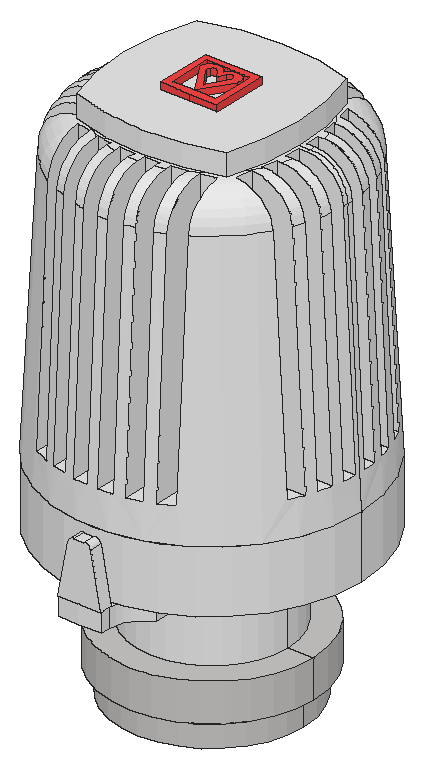
Revit family "Термостатическая головка HERZ, с присоединительной резьбой М 28х1.5, 7260", category Rohrzubehör, Revit 2020
Family settings
  Bemaßung runder Anschluss = Durchmesser verwenden
  Teiletyp = Normal
  OmniClass-Nummer = 23.65.55.14
  OmniClass-Titel = Valves for Liquid Services
  Arbeitsebenenbasiert = Nein
  Immer vertikal = Nein
  Beim Laden mit Abzugskörper schneiden = Nein
  Gemeinsam genutzt = Nein
Parameters
  Принцип действия = "HERZ-термостатическая головка является датчиком прямого регулирования.\r\nИзменение объема жидкости в HERZ-гидросенсоре приводит в движение шток клапана."
  Область применения = "Для монтажа на всех HERZ-клапанах, предназначенных для термостатической работы."
  Номер заказа = 1726006  # constant formula
  Маховик = "Пластик, белый"  # constant formula
  Исполнение = "Термостатическая головка с жидкостным датчиком (гидросенсором) с позициями теплового запираниия \"0\" и морозозащиты, с ограничением и блокировкой диапазона регулирования. Цвет маховика - белый."
  Диапазон регулирования = "6 - 28°C"  # constant formula
  Автоматическая защита от замерзания = "при прибл. 6 °C"  # constant formula
  W02 = 120.00°  # constant formula
  W01 = 135.00°  # constant formula
  Vorgabe-Ansicht = 0.000 mm
  URL = "www.herz-armaturen.ru"
  S02 = 60.000 mm  # constant formula
  S01 = H02 + H07  # 79.500 mm
  R08 = 15.000 mm  # constant formula
  R07 = 6.000 mm  # constant formula
  R06 = 24.000 mm  # constant formula
  R05 = 16.350 mm  # constant formula
  R04 = 14.750 mm  # constant formula
  R03 = 13.200 mm  # constant formula
  R02 = 12.200 mm  # constant formula
  R01 = 22.400 mm  # constant formula
  Hersteller = "HERZ Armaturen Ges.m.b.H."  # constant formula
  H09 = 3.500 mm  # constant formula
  H08 = 10.000 mm  # constant formula
  H07 = 59.000 mm  # constant formula
  H06 = 3.500 mm  # constant formula
  H05 = 10.500 mm  # constant formula
  H04 = 11.700 mm  # constant formula
  H03 = 4.500 mm  # constant formula
  H02 = 20.500 mm  # constant formula
  H01 = 45.800 mm  # constant formula
Reference planes
  plane 1 "Mitte (Vorne/hinten)": y = 0
  plane 2: z = 0
  plane 3 "Mitte (Links/rechts)": x = 0
Forms (mm)
  Revolve 1, solid, material "Messing verzinkt", detail levels fine
    sketch origin (0, 0, 0) x (1, 0, 0) y (0, 0, 1)
      loop
        line (0, 4.5) -> (13.2, 4.5) -> (13.2, -3.563) -> (14.75, -3.563) -> (14.75, -0.063) -> (16.35, 0.861) -> (16.35, 6.937) -> (0, 6.937) -> (0, 4.5)
      axis (0, 6.937) -> (0, -3.563)
    angle from 0 to 360
  Revolve 2, solid, material "Kunststoff weiß", detail levels fine
    sketch origin (0, 0, 0) x (1, 0, 0) y (0, 0, 1)
      loop
        line (0, 20.5) -> (24, 20.5) -> (24, 30.5) -> (21.791, 73.806)
        arc (21.791, 73.806) -> (19.931, 77.849) -> (15.798, 79.5) r 6
        line (15.798, 79.5) -> (0, 79.5) -> (0, 20.5)
      axis (0, 79.5) -> (0, 20.5)
    angle from 0 to 360
  Extrusion 3, void
    sketch origin (0, 0, 0) x (1, 0, 0) y (0, 1, 0)
      loop
        line (24.458, 0.8) -> (24.458, 3.2) -> (14.361, 3.2)
        arc (14.361, 3.2) -> (14.446, 2.001) -> (14.491, 0.8) r 37
        line (14.491, 0.8) -> (24.458, 0.8)
      loop
        line (24.458, 4.8) -> (24.458, 7.2) -> (13.793, 7.2)
        arc (13.793, 7.2) -> (14.01, 6.003) -> (14.187, 4.8) r 37
        line (14.187, 4.8) -> (24.458, 4.8)
      loop
        line (24.458, 8.8) -> (24.458, 11.2) -> (12.764, 11.2)
        arc (12.764, 11.2) -> (13.121, 10.006) -> (13.438, 8.8) r 37
        line (13.438, 8.8) -> (24.458, 8.8)
      loop
        line (24.458, -0.8) -> (14.491, -0.8)
        arc (14.491, -0.8) -> (14.446, -2.001) -> (14.361, -3.2) r 37
        line (14.361, -3.2) -> (24.458, -3.2) -> (24.458, -0.8)
      loop
        line (24.458, -4.8) -> (14.187, -4.8)
        arc (14.187, -4.8) -> (14.01, -6.003) -> (13.793, -7.2) r 37
        line (13.793, -7.2) -> (24.458, -7.2) -> (24.458, -4.8)
      loop
        line (24.458, -8.8) -> (13.438, -8.8)
        arc (13.438, -8.8) -> (13.121, -10.006) -> (12.764, -11.2) r 37
        line (12.764, -11.2) -> (24.458, -11.2) -> (24.458, -8.8)
      loop
        line (-24.458, 0.8) -> (-14.491, 0.8)
        arc (-14.491, 0.8) -> (-14.446, 2.001) -> (-14.361, 3.2) r 37
        line (-14.361, 3.2) -> (-24.458, 3.2) -> (-24.458, 0.8)
      loop
        line (-24.458, 4.8) -> (-14.187, 4.8)
        arc (-14.187, 4.8) -> (-14.01, 6.003) -> (-13.793, 7.2) r 37
        line (-13.793, 7.2) -> (-24.458, 7.2) -> (-24.458, 4.8)
      loop
        line (-24.458, 8.8) -> (-13.438, 8.8)
        arc (-13.438, 8.8) -> (-13.121, 10.006) -> (-12.764, 11.2) r 37
        line (-12.764, 11.2) -> (-24.458, 11.2) -> (-24.458, 8.8)
      loop
        line (-24.458, -0.8) -> (-24.458, -3.2) -> (-14.361, -3.2)
        arc (-14.361, -3.2) -> (-14.446, -2.001) -> (-14.491, -0.8) r 37
        line (-14.491, -0.8) -> (-24.458, -0.8)
      loop
        line (-24.458, -4.8) -> (-24.458, -7.2) -> (-13.793, -7.2)
        arc (-13.793, -7.2) -> (-14.01, -6.003) -> (-14.187, -4.8) r 37
        line (-14.187, -4.8) -> (-24.458, -4.8)
      loop
        line (-24.458, -8.8) -> (-24.458, -11.2) -> (-12.764, -11.2)
        arc (-12.764, -11.2) -> (-13.121, -10.006) -> (-13.438, -8.8) r 37
        line (-13.438, -8.8) -> (-24.458, -8.8)
      loop
        line (0.8, 24.458) -> (0.8, 14.491)
        arc (0.8, 14.491) -> (2.001, 14.446) -> (3.2, 14.361) r 37
        line (3.2, 14.361) -> (3.2, 24.458) -> (0.8, 24.458)
      loop
        line (4.8, 24.458) -> (4.8, 14.187)
        arc (4.8, 14.187) -> (6.003, 14.01) -> (7.2, 13.793) r 37
        line (7.2, 13.793) -> (7.2, 24.458) -> (4.8, 24.458)
      loop
        line (8.8, 24.458) -> (8.8, 13.438)
        arc (8.8, 13.438) -> (10.006, 13.121) -> (11.2, 12.764) r 37
        line (11.2, 12.764) -> (11.2, 24.458) -> (8.8, 24.458)
      loop
        line (-0.8, 24.458) -> (-3.2, 24.458) -> (-3.2, 14.361)
        arc (-3.2, 14.361) -> (-2.001, 14.446) -> (-0.8, 14.491) r 37
        line (-0.8, 14.491) -> (-0.8, 24.458)
      loop
        line (-4.8, 24.458) -> (-7.2, 24.458) -> (-7.2, 13.793)
        arc (-7.2, 13.793) -> (-6.003, 14.01) -> (-4.8, 14.187) r 37
        line (-4.8, 14.187) -> (-4.8, 24.458)
      loop
        line (-8.8, 24.458) -> (-11.2, 24.458) -> (-11.2, 12.764)
        arc (-11.2, 12.764) -> (-10.006, 13.121) -> (-8.8, 13.438) r 37
        line (-8.8, 13.438) -> (-8.8, 24.458)
      loop
        line (0.8, -24.458) -> (3.2, -24.458) -> (3.2, -14.361)
        arc (3.2, -14.361) -> (2.001, -14.446) -> (0.8, -14.491) r 37
        line (0.8, -14.491) -> (0.8, -24.458)
      loop
        line (4.8, -24.458) -> (7.2, -24.458) -> (7.2, -13.793)
        arc (7.2, -13.793) -> (6.003, -14.01) -> (4.8, -14.187) r 37
        line (4.8, -14.187) -> (4.8, -24.458)
      loop
        line (8.8, -24.458) -> (11.2, -24.458) -> (11.2, -12.764)
        arc (11.2, -12.764) -> (10.006, -13.121) -> (8.8, -13.438) r 37
        line (8.8, -13.438) -> (8.8, -24.458)
      loop
        line (-0.8, -24.458) -> (-0.8, -14.491)
        arc (-0.8, -14.491) -> (-2.001, -14.446) -> (-3.2, -14.361) r 37
        line (-3.2, -14.361) -> (-3.2, -24.458) -> (-0.8, -24.458)
      loop
        line (-4.8, -24.458) -> (-4.8, -14.187)
        arc (-4.8, -14.187) -> (-6.003, -14.01) -> (-7.2, -13.793) r 37
        line (-7.2, -13.793) -> (-7.2, -24.458) -> (-4.8, -24.458)
      loop
        line (-8.8, -24.458) -> (-8.8, -13.438)
        arc (-8.8, -13.438) -> (-10.006, -13.121) -> (-11.2, -12.764) r 37
        line (-11.2, -12.764) -> (-11.2, -24.458) -> (-8.8, -24.458)
    from 36 to 81.5
  Extrusion 4, solid, material "Kunststoff weiß", detail levels fine
    sketch origin (0, 0, 0) x (1, 0, 0) y (0, 1, 0)
      loop
        arc (12, 12) -> (0, 14) -> (-12, 12) r 37
        arc (-12, 12) -> (-14, 0) -> (-12, -12) r 37
        arc (-12, -12) -> (0, -14) -> (12, -12) r 37
        arc (12, -12) -> (14, 0) -> (12, 12) r 37
    from 79.5 to 83
  Extrusion 5, solid, material "Kunststoff weiß", detail levels fine
    sketch origin (0.017, -0.017, 0) x (0, -1, 0) y (1, 0, 0)
      loop
        line (14.714, 6.983) -> (14.714, -7.017) -> (19.645, -7.017)
        arc (19.645, -7.017) -> (21.761, -4.508) -> (24.882, -3.488) r 6
        line (24.882, -3.488) -> (26.272, -3.488)
        arc (26.272, -3.488) -> (26.5, 0) -> (26.267, 3.488) r 26.5
        line (26.267, 3.488) -> (24.882, 3.488)
        arc (24.882, 3.488) -> (21.777, 4.497) -> (19.66, 6.983) r 6
        line (19.66, 6.983) -> (14.714, 6.983)
    from 17.5 to 20.5
  Extrusion 6, solid, material "Kunststoff weiß", detail levels fine
    sketch origin (0.017, -0.017, 3.5) x (1, 0, 0) y (0, 0, 1)
      loop
        arc (-0.8, 26.1) -> (-1.432, 25.875) -> (-1.779, 25.302) r 1
        line (-1.779, 25.302) -> (-3.488, 17) -> (3.488, 17) -> (1.779, 25.302)
        arc (1.779, 25.302) -> (1.432, 25.875) -> (0.8, 26.1) r 1
        line (0.8, 26.1) -> (-0.8, 26.1)
    from 26.5 to 24.5
  Revolve 7, solid, material "Kunststoff weiß", detail levels fine
    sketch origin (90.543, 0, 0) x (1, 0, 0) y (0, 0, 1)
      loop
        line (-90.543, 0) -> (-77.343, 0) -> (-77.343, 4.5) -> (-78.343, 4.5) -> (-78.343, 20.5) -> (-68.143, 20.5) -> (-68.143, 34.1) -> (-75.543, 34.1) -> (-75.543, 45.8) -> (-90.543, 45.8) -> (-90.543, 0)
      axis (-90.543, 45.8) -> (-90.543, 0)
    angle from 0 to 360
Cuts and joins
  Extrusion 3 cuts Revolve 2
Lines and regions (mm)
  model lines, detail levels coarse+medium
    curve 1: line (0, 0, 0) -> (0, 0, 19.5)
    curve 2: line (0, -0.017, 0) -> (0, 19.5, 0)
    curve 3: circle (0, 0, 49.5) r 30 normal (0, -1, 0)
    curve 4: circle (0, 0, 49.5) r 30 normal (1, 0, 0)
    curve 5: line (0, 0, 29.5) -> (0, 0, 69.5)
    curve 6: line (0, -17.5, 69.5) -> (0, 17.5, 69.5)
    curve 7: line (0, 0, 29.5) -> (0, 0, 69.5)
    curve 8: line (-17.5, 0, 69.5) -> (17.5, 0, 69.5)
    curve 9: circle (0, 49.5, 0) r 30 normal (0, 0, 1)
    curve 10: line (0, 29.5, 0) -> (0, 69.5, 0)
    curve 11: line (-17.5, 69.5, 0) -> (17.5, 69.5, 0)
Dimensions and locks
  "H05": Revolve 1 sketch curve to Revolve 1 sketch curve
  "H06": Revolve 1 sketch curve to Revolve 1 sketch curve
  "H03": Revolve 1 sketch curve to plane 2
  "R04": Revolve 1 sketch curve to plane 3 "Mitte (Links/rechts)"
  "R03": plane 3 "Mitte (Links/rechts)" to Revolve 1 sketch curve
  "R05": Revolve 1 sketch curve to plane 3 "Mitte (Links/rechts)"
  "H08": Revolve 2 sketch curve to Revolve 2 sketch curve
  "R06": Revolve 2 sketch curve to Revolve 2 sketch curve
  "H02": Revolve 2 sketch curve to plane 2
  "H02": Revolve 7 sketch curve to plane 2
  "H03": Revolve 7 sketch curve to Revolve 7 sketch curve
  "H01": Revolve 7 sketch curve to plane 2
  "H04": Revolve 7 sketch curve to Revolve 7 sketch curve
  "R03": Revolve 7 sketch curve to plane 3 "Mitte (Links/rechts)"
  "R02": plane 3 "Mitte (Links/rechts)" to Revolve 7 sketch curve
  "R01": plane 3 "Mitte (Links/rechts)" to Revolve 7 sketch curve
  "R08": plane 3 "Mitte (Links/rechts)" to Revolve 7 sketch curve
  "H07": Revolve 2 sketch curve to Revolve 2 sketch curve
  "S01": curve 4 to plane 2
  "S01": curve 3 to plane 2
  "S01": plane 1 "Mitte (Vorne/hinten)" to curve 9
  "R07": radius of Revolve 2 sketch curve
  "S02": diameter of curve 3
  "S02": diameter of curve 4
  "S02": diameter of curve 9
  "W02": angle Revolve 1 sketch curve to Revolve 1 sketch curve
  aligned and locked: level to plane 2
Automatic sketch dimensions
  plane 1 "Mitte (Vorne/hinten)" to Extrusion 4 sketch curve = 0.000 mm  (x2)
  Extrusion 4 sketch curve to plane 3 "Mitte (Links/rechts)" = 0.000 mm  (x2)
  Extrusion 4 sketch curve to plane 3 "Mitte (Links/rechts)" = 23.000 mm
  plane 3 "Mitte (Links/rechts)" to Extrusion 4 sketch curve = 23.000 mm
  plane 1 "Mitte (Vorne/hinten)" to Extrusion 4 sketch curve = 23.000 mm
  Extrusion 4 sketch curve to plane 1 "Mitte (Vorne/hinten)" = 23.000 mm
  Extrusion 4 sketch curve to plane 3 "Mitte (Links/rechts)" = 12.000 mm  (x2)
  plane 3 "Mitte (Links/rechts)" to Extrusion 4 sketch curve = 12.000 mm
  plane 1 "Mitte (Vorne/hinten)" to Extrusion 4 sketch curve = 12.000 mm
  Extrusion 3 sketch curve to Extrusion 3 sketch curve = 0.000 mm  (x58)
  plane 1 "Mitte (Vorne/hinten)" to Extrusion 3 sketch curve = 0.000 mm  (x2)
  Extrusion 3 sketch curve to plane 3 "Mitte (Links/rechts)" = 0.000 mm  (x2)
  Extrusion 3 sketch curve to plane 3 "Mitte (Links/rechts)" = 0.800 mm  (x2)
  Extrusion 3 sketch curve to Extrusion 3 sketch curve = 2.400 mm  (x12)
  Extrusion 3 sketch curve to Extrusion 3 sketch curve = 1.600 mm  (x16)
  Extrusion 3 sketch curve to Extrusion 3 sketch curve = 1.564 mm  (x8)
  Extrusion 3 sketch curve to Extrusion 3 sketch curve = 0.674 mm  (x5)
  Extrusion 3 sketch curve to Extrusion 3 sketch curve = 0.354 mm  (x8)
  Extrusion 3 sketch curve to Extrusion 3 sketch curve = 0.395 mm  (x4)
  Extrusion 3 sketch curve to Extrusion 3 sketch curve = 0.174 mm  (x8)
  plane 1 "Mitte (Vorne/hinten)" to Extrusion 3 sketch curve = 0.800 mm  (x2)
  Extrusion 3 sketch curve to Extrusion 3 sketch curve = 0.130 mm  (x2)
  Extrusion 3 sketch curve to plane 1 "Mitte (Vorne/hinten)" = 0.800 mm  (x2)
  Extrusion 3 sketch curve to Extrusion 3 sketch curve = 8.009 mm  (x3)
  Extrusion 3 sketch curve to Extrusion 3 sketch curve = 1.958 mm  (x7)
  plane 3 "Mitte (Links/rechts)" to Extrusion 3 sketch curve = 0.800 mm  (x2)
  Extrusion 3 sketch curve to Extrusion 3 sketch curve = 11.019 mm
  Extrusion 5 sketch curve to plane 3 "Mitte (Links/rechts)" = 0.000 mm
  plane 1 "Mitte (Vorne/hinten)" to Extrusion 5 sketch curve = 0.017 mm
  Extrusion 5 sketch curve to plane 3 "Mitte (Links/rechts)" = 7.000 mm
  plane 1 "Mitte (Vorne/hinten)" to Extrusion 5 sketch curve = 14.731 mm
  Extrusion 5 sketch curve to Extrusion 5 sketch curve = 4.930 mm
  Extrusion 5 sketch curve to Extrusion 5 sketch curve = 4.946 mm
  Extrusion 5 sketch curve to plane 3 "Mitte (Links/rechts)" = 3.471 mm
  Extrusion 5 sketch curve to Extrusion 5 sketch curve = 5.237 mm
  Extrusion 5 sketch curve to Extrusion 5 sketch curve = 5.222 mm
  Extrusion 5 sketch curve to Extrusion 5 sketch curve = 5.470 mm
  Extrusion 5 sketch curve to Extrusion 5 sketch curve = 0.233 mm
  Extrusion 5 sketch curve to Extrusion 5 sketch curve = 1.390 mm
  plane 3 "Mitte (Links/rechts)" to Extrusion 5 sketch curve = 3.505 mm
  Extrusion 5 sketch curve to Extrusion 5 sketch curve = 3.495 mm
  Extrusion 5 sketch curve to Extrusion 5 sketch curve = 0.000 mm
  Extrusion 6 sketch curve to plane 3 "Mitte (Links/rechts)" = 3.471 mm
  Extrusion 6 sketch curve to plane 3 "Mitte (Links/rechts)" = 1.763 mm
  Extrusion 6 sketch curve to plane 3 "Mitte (Links/rechts)" = 0.783 mm
  plane 3 "Mitte (Links/rechts)" to Extrusion 6 sketch curve = 0.817 mm
  Extrusion 6 sketch curve to Extrusion 6 sketch curve = 0.979 mm
  plane 3 "Mitte (Links/rechts)" to Extrusion 6 sketch curve = 3.505 mm
  level to Extrusion 6 sketch curve = 20.500 mm
  Extrusion 6 sketch curve to Extrusion 6 sketch curve = 8.100 mm
  Extrusion 6 sketch curve to Extrusion 6 sketch curve = 0.000 mm
  Extrusion 6 sketch curve to Extrusion 6 sketch curve = 0.202 mm
  curve 5 to plane 1 "Mitte (Vorne/hinten)" = 0.000 mm
  curve 4 to plane 1 "Mitte (Vorne/hinten)" = 0.000 mm
  plane 1 "Mitte (Vorne/hinten)" to curve 6 = 17.500 mm
  curve 5 to curve 6 = 17.500 mm
  curve 5 to curve 4 = 20.000 mm
  curve 4 to curve 6 = 20.000 mm
  curve 3 to plane 3 "Mitte (Links/rechts)" = 0.000 mm
  curve 7 to plane 3 "Mitte (Links/rechts)" = 0.000 mm
  curve 1 to plane 3 "Mitte (Links/rechts)" = 0.000 mm
  curve 1 to level = 0.000 mm
  curve 8 to curve 7 = 17.500 mm
  plane 3 "Mitte (Links/rechts)" to curve 8 = 17.500 mm
  curve 1 to curve 7 = 10.000 mm
  curve 3 to curve 8 = 20.000 mm
  curve 9 to plane 3 "Mitte (Links/rechts)" = 0.000 mm
  curve 10 to plane 3 "Mitte (Links/rechts)" = 0.000 mm
  curve 2 to plane 3 "Mitte (Links/rechts)" = 0.000 mm
  curve 11 to curve 10 = 17.500 mm
  plane 3 "Mitte (Links/rechts)" to curve 11 = 17.500 mm
  plane 1 "Mitte (Vorne/hinten)" to curve 2 = 0.017 mm
  curve 2 to curve 10 = 10.000 mm
  curve 9 to curve 11 = 20.000 mm
  Revolve 1 sketch curve to plane 3 "Mitte (Links/rechts)" = 0.000 mm  (x2)
  level to Revolve 1 sketch curve = 0.861 mm
  Revolve 1 sketch curve to Revolve 1 sketch curve = 362.982 mm
  Revolve 1 sketch curve to Revolve 1 sketch curve = 2206.878 mm
  Revolve 2 sketch curve to plane 3 "Mitte (Links/rechts)" = 0.000 mm  (x2)
  plane 3 "Mitte (Links/rechts)" to Revolve 2 sketch curve = 15.798 mm
  Revolve 2 sketch curve to Revolve 2 sketch curve = 5.992 mm
  Revolve 2 sketch curve to level = 366.045 mm
  Revolve 2 sketch curve to Revolve 2 sketch curve = 2138.315 mm
  Revolve 7 sketch curve to level = 0.000 mm  (x2)
  Revolve 7 sketch curve to plane 3 "Mitte (Links/rechts)" = 0.000 mm  (x2)
  Revolve 7 sketch curve to Revolve 7 sketch curve = 0.000 mm
Nested families
  nested 1: "Herz-Logo" at (0, 0, 82.5), type "Herz-Logo", detail levels fine
Definition of nested family "Herz-Logo"
  Parameters (values of type "Herz-Logo")
    Default Elevation = 0.000 mm
  Reference planes
    plane 1 "Mitte (Vorne/hinten)": y = 0
    plane 2: z = 0
    plane 3 "Mitte (Links/rechts)": x = 0
  Forms (mm)
    Extrusion 1, solid
      sketch origin (0, 0, 0) x (1, 0, 0) y (0, 1, 0)
        loop
          line (-0.018, -4.517) -> (4.482, -4.517) -> (4.482, 4.483) -> (-4.518, 4.483) -> (-4.518, -4.517) -> (-0.018, -4.517)
        loop
          line (-0.05, -3.48) -> (3.482, -3.48) -> (3.482, 3.483) -> (-3.518, 3.483) -> (-3.518, -3.48) -> (-0.05, -3.48)
        loop
          arc (-0.018, 2.383) -> (-1.543, 3.287) -> (-3.067, 2.383) r 1.738
          arc (-3.067, 2.383) -> (-3.191, 1.899) -> (-3.067, 1.415) r 1.009
          line (-3.067, 1.415) -> (-0.018, -3.281) -> (3.032, 1.415)
          arc (3.032, 1.415) -> (3.156, 1.899) -> (3.032, 2.383) r 1.009
          arc (3.032, 2.383) -> (1.507, 3.287) -> (-0.018, 2.383) r 1.738
        loop
          arc (1.885, 1.272) -> (2.005, 1.675) -> (1.885, 2.079) r 0.74
          arc (1.885, 2.079) -> (1.265, 2.416) -> (0.644, 2.079) r 0.74
          line (0.644, 2.079) -> (-0.018, 0.97) -> (-0.679, 2.079)
          arc (-0.679, 2.079) -> (-1.3, 2.416) -> (-1.921, 2.079) r 0.74
          arc (-1.921, 2.079) -> (-2.04, 1.675) -> (-1.921, 1.272) r 0.74
          line (-1.921, 1.272) -> (-0.018, -1.658) -> (1.885, 1.272)
      from 0 to 1.5
  Dimensions and locks
    aligned and locked: level to plane 2
